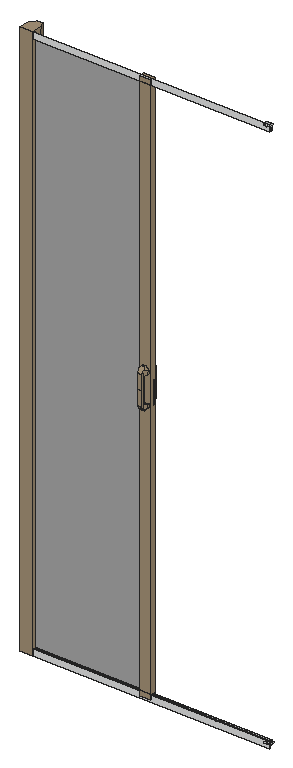
Revit family "Screen_Door_LegacySeries_PhantomScreen", category Doors, host Wall, Revit 2026
Family settings
  Host = Wall
  Classification Number = 23.30.60.21
  Always vertical = Yes
  Cut with Voids When Loaded = No
  Shared = No
  Room Calculation Point = No
Parameters (values of type "Type as Specified")
  URL = "http://www.phantomscreens.com/"
  Track Height = 0' - 0.931"
  Track Depth = 0' - 0.511"
  Specification = "http://www.phantomscreens.com/architects-designers/specifications-binder/"
  Slide Bar Width = 0' - 1.732"
  Slide Bar Depth = 0' - 0.866"
  Slide Bar = Dark Knotty Pine
  Sill Height = 0' - 1"
  Sill Depth = 0' - 1.54384"
  Sill [instance] = no
  Screen Thickness = 0' - 0 1/32"
  Screen = Phifer 20/20 Insect Mesh – Gray
  Sales Information = "http://www.phantomscreens.com/support/"
  Revision = "R1_08-2016"
  Product Properties = "http://www.phantomscreens.com/drive/uploads/2015/03/Legacy-Door-Design-Spec-Assembled-View.pdf"
  Product Data = "http://www.arcat.com/arcatcos/cos9540/arc40535.html"
  Percent Open [instance] = 50
  Model = "Legacy Series"
  Manufacturer Website = "http://www.phantomscreens.com/"
  Manufacturer Phone - Toll Free = ""
  Manufacturer Phone = "604-855-3654"
  Manufacturer Fax = "604-855-7834"
  Manufacturer Address = "30451 Simpson Rd.; Abbotsford; BC; Canada V2T 6C7"
  Manufacturer = "Phantom Screens"
  Keynote = "08 11 00"
  Installation-Fabrication = "http://www.phantomscreens.com/architects-designers/options/"
  Housing Width = 0' - 1 7/8"
  Housing Depth = 0' - 2 49/64"
  Handle Width = 0' - 1.266"
  Handle Height = 0' - 6.031"
  Handle Depth = 0' - 0 109/128"
  Function = Interior
  Height [instance] = 7' - 0"
  Wall Closure = By host
  Width [instance] = 3' - 0"
  Drawn By = "Sumex Design - Robert S Weygant"
  Door Opening [instance] = Width * (Percent Open / 100)  # 1' - 6"
  Description = "Phantom Screens Legacy Series Screen"
  Copyright = "� 2016 ARCAT Inc."
  Construction Details = "http://www.arcat.com/details/phantoms/95prod3445.html"
  Assembly Code = "B2020400"
  Aluminum Track = Aluminum - Flat
  Aluminum Housing = Dark Knotty Pine
Reference planes (in)
  plane 1 "Center (Front/Back)": y = 0
  plane 2 "Center (Left/Right)": x = -7.25
  plane 3 "Top": z = 84
  plane 4 "Exterior": y = 2.96884
  plane 5 "Interior": y = -3.03116
  plane 6: x = -27.125
  plane 7: z = 84.931
  plane 8: z = 0.931
  plane 9: y = 3.47984
  plane 10: y = 3.83484
  plane 11: y = 3.44859
  plane 12: x = -8.982
  plane 13 "Track Bar": x = -7.25
  plane 14: x = -25.25
  plane 15: y = 3.41734
  plane 16: y = 4.71756
  plane 17: x = 10.75
  plane 18: z = 1
  plane 19: y = 3.29405
  plane 20: y = 1.425
  plane 21: z = 42.5
  plane 22: z = 45.5155
  plane 23: z = 39.4845
  plane 24 "Handle Placement": x = -8.24596
  plane 25: x = 9.96875
  plane 26: y = 3.55502
  plane 27: y = 2.96884
  plane 28: y = 3.375
  plane 29: y = 5.48446
Forms (in)
  Extrusion 1, solid, material "Dark Knotty Pine" <- "Aluminum Housing"
    sketch origin (0, 0, 0) x (1, 0, 0) y (0, 1, 0)
      loop
        line (-27.125, 2.96884) -> (-25.25, 2.96884) -> (-25.25, 4.6231) -> (-25.74731, 5.48446) -> (-26.1875, 5.48446) -> (-26.66701, 5.48446) -> (-27.125, 4.6231) -> (-27.125, 2.96884)
    from 0 to 84.931
  Extrusion 2, solid, material "Dark Knotty Pine" <- "Slide Bar"
    sketch origin (0, 0, 0) x (1, 0, 0) y (0, 1, 0)
      loop
        line (-8.982, 3.83484) -> (-8.982, 2.96884) -> (-7.25, 2.96884) -> (-7.25, 3.64791) -> (-7.47277, 3.83484) -> (-8.982, 3.83484)
    from 1 to 84
  Extrusion 3, solid, material "Phifer 20/20 Insect Mesh – Gray" <- "Screen"
    sketch origin (0, 0, 0) x (1, 0, 0) y (0, 1, 0)
      loop
        line (-25.25, 3.44859) -> (-25.25, 3.41734) -> (-8.982, 3.41734) -> (-8.982, 3.44859) -> (-25.25, 3.44859)
    from 0.931 to 84
  Extrusion 4, solid, material "Aluminum - Flat" <- "Aluminum Track", visible <- "Sill"
    sketch origin (-7.25, 0, 0) x (0, 1, 0) y (0, 0, 1)
      loop
        line (1.44844, 1) -> (1.44844, 0.931) -> (2.91584, 0.86535) -> (2.91584, 0) -> (3.44078, 0) -> (3.44078, 0.08471) -> (2.99228, 0.08471) -> (2.99228, 0.931) -> (1.44844, 1)
    from -18 to 18
  Extrusion 5, solid, material "Aluminum - Flat"
    sketch origin (-7.25, 0, 0) x (0, 1, 0) y (0, 0, 1)
      loop
        line (3.47984, 84) -> (3.47984, 84.6095) -> (3.09384, 84.6095) -> (3.09384, 84.931) -> (2.96884, 84.931) -> (2.96884, 84) -> (3.09384, 84) -> (3.09384, 84.488) -> (3.35484, 84.488) -> (3.35484, 84) -> (3.47984, 84)
    from -18 to 18
  Extrusion 6, solid, material "Aluminum - Flat"
    sketch origin (-7.25, 0, 0) x (0, 1, 0) y (0, 0, 1)
      loop
        line (3.47984, 0.931) -> (3.35484, 0.931) -> (3.35484, 0.4365) -> (3.09384, 0.4365) -> (3.09384, 0.931) -> (2.96884, 0.931) -> (2.96884, 0) -> (3.09384, 0) -> (3.09384, 0.315) -> (3.47984, 0.315) -> (3.47984, 0.931)
    from -18 to 18
Text (in)
  text "Exterior" at (-62.02911, 27.31104, 0), in view "Ref. Level"
  text "Interior" at (-62.02911, -25.14366, 0), in view "Ref. Level"
  text "Exterior" at (0, 40.15149, 123.01588), in view "Right"
  text "Interior" at (0, -64.39139, 123.01588), in view "Right"
  text "Interior" at (0, -31.01599, 123.00693), in view "Left"
  text "Exterior" at (0, 54.57065, 123.00693), in view "Left"
Dimensions and locks (in)
  "Height": level to plane 3 "Top"
  "Track Height": plane 3 "Top" to plane 7
  "Track Height": level to plane 8
  "Track Depth": plane 9 to plane 4 "Exterior"
  "Slide Bar Depth": plane 10 to plane 4 "Exterior"
  "Screen Thickness": plane 9 to plane 11
  "Slide Bar Width": plane 12 to plane 13 "Track Bar"
  equal spacing: plane 14, plane 2 "Center (Left/Right)", plane 17
  "Screen Thickness": plane 15 to plane 11
  "Width": plane 14 to plane 17
  "Housing Width": plane 6 to plane 14
  "Door Opening": plane 13 "Track Bar" to plane 17
  "Sill Height": level to plane 18
  "Sill Depth": plane 4 "Exterior" to plane 20
  equal spacing: plane 22, plane 21, plane 23
  "Handle Height": plane 23 to plane 22
  locked: plane 13 "Track Bar" to plane 24 "Handle Placement" at 0.99596
  locked: plane 26 to plane 19 at 0.26097
  locked: plane 29 to host wall at 5.51563
  aligned and locked: plane 4 "Exterior" to host wall
  aligned and locked: plane 5 "Interior" to host wall
  aligned and locked: plane 6 to Extrusion 1 sketch curve
  aligned and locked: Extrusion 1 to level
  aligned and locked: Extrusion 1 to plane 7
  aligned and locked: plane 7 to Extrusion 1
  aligned and locked: plane 10 to Extrusion 2 sketch curve
  aligned and locked: plane 12 to Extrusion 2 sketch curve
  aligned and locked: Extrusion 2 sketch curve to plane 4 "Exterior"
  aligned and locked: Extrusion 2 sketch curve to plane 13 "Track Bar"
  aligned and locked: Extrusion 2 to plane 3 "Top"
  aligned and locked: plane 11 to Extrusion 3 sketch curve
  aligned and locked: Extrusion 3 sketch curve to plane 14
  aligned and locked: plane 15 to Extrusion 3 sketch curve
  aligned and locked: Extrusion 3 sketch curve to plane 12
  aligned and locked: Extrusion 3 to plane 3 "Top"
  aligned and locked: Extrusion 1 sketch curve to plane 4 "Exterior"
  aligned and locked: plane 18 to Extrusion 2
  aligned and locked: plane 24 "Handle Placement" to nested 1
  aligned and locked: Extrusion 2 to plane 10
  aligned and locked: nested 2 to plane 24 "Handle Placement"
  aligned and locked: nested 2 to Extrusion 2
  aligned and locked: nested 1 to plane 22
  aligned and locked: nested 2 to plane 23
  aligned and locked: plane 10 to nested 1
  aligned and locked: plane 3 "Top" to Extrusion 5 sketch curve
  aligned and locked: Extrusion 5 sketch curve to plane 7
  aligned and locked: plane 8 to Extrusion 6 sketch curve  (x2)
  aligned and locked: Extrusion 6 sketch curve to Extrusion 1
  aligned and locked: Extrusion 6 to plane 17
  aligned and locked: Extrusion 5 to plane 17
  aligned and locked: plane 14 to Extrusion 5
  aligned and locked: plane 14 to Extrusion 6
  aligned and locked: Extrusion 4 to plane 17
  aligned and locked: plane 14 to Extrusion 4
  aligned and locked: plane 27 to host wall
  aligned and locked: plane 4 "Exterior" to nested 4
  aligned and locked: nested 4 to Extrusion 6
  aligned and locked: nested 5 to plane 12
  aligned and locked: nested 5 to plane 13 "Track Bar"
  aligned and locked: plane 3 "Top" to nested 5
  aligned and locked: Extrusion 2 to plane 12
  aligned and locked: plane 13 "Track Bar" to Extrusion 2
  aligned and locked: nested 6 to Extrusion 2
  aligned and locked: nested 6 to plane 12
  aligned and locked: nested 6 to plane 10
  aligned and locked: plane 4 "Exterior" to nested 6
  aligned and locked: nested 5 to plane 10
  aligned and locked: plane 4 "Exterior" to nested 5
  aligned and locked: plane 4 "Exterior" to nested 3
  aligned and locked: plane 29 to Extrusion 1  (x2)
Automatic sketch dimensions
  Extrusion 2 sketch curve to plane 9 = 0' - 0.16807"
  Extrusion 2 sketch curve to Extrusion 2 sketch curve = 0' - 0.22277"
  plane 8 to Extrusion 4 sketch curve = 0' - 0"  (x2)
  plane 18 to Extrusion 4 sketch curve = 0' - 0"
  Extrusion 4 sketch curve to level = 0' - 0"
  plane 20 to Extrusion 4 sketch curve = 0' - 0 3/128"
  Extrusion 4 sketch curve to host wall = 0' - 0.053"
  host wall to Extrusion 4 sketch curve = 0' - 0 3/128"
  plane 11 to Extrusion 4 sketch curve = 0' - 0 1/128"
  level to Extrusion 4 sketch curve = 0' - 0.08471"
  plane 8 to Extrusion 4 sketch curve = 0' - 0.06565"
  Extrusion 5 sketch curve to Extrusion 5 sketch curve = 0' - 0 1/8"
  Extrusion 5 sketch curve to Extrusion 5 sketch curve = 0' - 0.1215"
  Extrusion 5 sketch curve to Extrusion 5 sketch curve = 0' - 0.3215"
  Extrusion 5 sketch curve to plane 9 = 0' - 0"
  Extrusion 5 sketch curve to plane 15 = 0' - 0 1/16"
  Extrusion 5 sketch curve to host wall = 0' - 0"
  Extrusion 5 sketch curve to Extrusion 5 sketch curve = 0' - 0"
  Extrusion 6 sketch curve to host wall = 0' - 0"
  Extrusion 6 sketch curve to plane 9 = 0' - 0"
  host wall to Extrusion 6 sketch curve = 0' - 0 1/8"
  Extrusion 6 sketch curve to Extrusion 6 sketch curve = 0' - 0"
  Extrusion 6 sketch curve to plane 15 = 0' - 0 1/16"
  level to Extrusion 6 sketch curve = 0' - 0.315"
  Extrusion 6 sketch curve to Extrusion 6 sketch curve = 0' - 0.1215"
  plane 3 "Top" to Extrusion 5 sketch curve = 0' - 0"
  Extrusion 1 sketch curve to plane 14 = 0' - 0"
  plane 6 to Extrusion 1 sketch curve = 0' - 0 15/16"
  plane 16 to Extrusion 1 sketch curve = 0' - 0.09446"  (x2)
  plane 6 to Extrusion 1 sketch curve = 0' - 0.45799"
  Extrusion 1 sketch curve to Extrusion 1 sketch curve = 0' - 0.44019"
  Extrusion 1 sketch curve to plane 29 = 0' - 0"
Nested families (in)
  nested 1: "Family4" at (-8.24596, 4.26062, 42.5) x (-1, 0, 0) z (0, 0, 1), type "Family4"
    with Width 0' - 1.266", Height 0' - 6.031", Depth 0' - 0 109/128"
  nested 2: "Family4" at (-8.24596, 2.54306, 42.5), type "Family4"
    with Width 0' - 1.266", Height 0' - 6.031", Depth 0' - 0 109/128"
  nested 3: "Track Latch Family" at (10.35937, 3.34384, 84.55481) x (-1, 0, 0) z (0, 0, 1), type "Track Latch Family"
  nested 4: "Lower Track Latch" at (10.35937, 3.33538, 0.4365) x (-1, 0, 0) z (0, 0, 1), type "Lower Track Latch"
  nested 5: "End Caps" at (-8.21484, 3.14023, 84), type "End Caps"
  nested 6: "End Caps" at (-8.21484, 3.14023, 0.25), type "End Caps"
Definition of nested family "Family4"
  Parameters
    Width = 0' - 1 1/2"
    Height = 0' - 6 1/32"
    Handle = none
    Depth = 0' - 1"
    Default Elevation = 0' - 0"
  Reference planes (in)
    plane 1 "Center (Front/Back)": y = 0
    plane 2: z = 0
    plane 3 "Center (Left/Right)": x = 0
    plane 4: y = 0.5
    plane 5: x = 0.75
    plane 6: y = -0.5
    plane 7: x = -0.75
    plane 8: z = 3.01562
    plane 9: z = -3.01563
  Forms (in)
    Extrusion 1, solid, material <- "Handle"
      sketch origin (0, 0, 0) x (0, 1, 0) y (0, 0, 1)
        loop
          line (0.5, 3.01562) -> (0.25, 3.01562) -> (-0.5, 2.26562) -> (-0.5, 0) -> (-0.5, -2.26563) -> (0.25, -3.01563) -> (0.5, -3.01563) -> (0.5, -2.01563) -> (0, -2.01563) -> (-0.17678, -1.83885) -> (-0.17678, 0) -> (-0.17678, 1.83885) -> (0, 2.01562) -> (0.5, 2.01562) -> (0.5, 3.01562)
      from -0.75 to 0.75
    Extrusion 2, void
      sketch origin (0, 0, 0) x (1, 0, 0) y (0, 1, 0)
        loop
          line (-0.75, 0.25) -> (-0.75, -0.5) -> (-0.32322, -0.5) -> (-0.32322, -0.25861) -> (-0.75, 0.25)
        loop
          line (0.32322, -0.25861) -> (0.32322, -0.5) -> (0.75, -0.5) -> (0.75, 0.25) -> (0.32322, -0.25861)
      from -3.01562 to 3.01562
    Extrusion 3, void
      sketch origin (0, 0, 0) x (1, 0, 0) y (0, 0, 1)
        loop
          line (-0.75, 2.51562) -> (-0.25, 3.01562) -> (-0.75, 3.01562) -> (-0.75, 2.51562)
        loop
          line (0.75, 2.51563) -> (0.75, 3.01563) -> (0.25, 3.01563) -> (0.75, 2.51563)
        loop
          line (-0.75, -2.51563) -> (-0.75, -3.01563) -> (-0.25, -3.01563) -> (-0.75, -2.51563)
        loop
          line (0.75, -2.51563) -> (0.25, -3.01563) -> (0.75, -3.01563) -> (0.75, -2.51563)
      from -0.5 to 0.5
  Cuts and joins
    Extrusion 2, Extrusion 3 cuts Extrusion 1
  Dimensions and locks (in)
    equal spacing: plane 7, plane 3 "Center (Left/Right)", plane 5
    equal spacing: plane 6, plane 1 "Center (Front/Back)", plane 4
    "Depth": plane 6 to plane 4
    "Width": plane 7 to plane 5
    equal spacing: plane 8, level, plane 9
    "Height": plane 8 to plane 9
    plane 1 "Center (Front/Back)" to Extrusion 1 = 0' - 0 1/2"
    aligned and locked: plane 2 to level
    aligned and locked: plane 7 to Extrusion 1
    aligned and locked: plane 5 to Extrusion 1
    aligned and locked: Extrusion 2 sketch curve to plane 6
    aligned and locked: plane 6 to Extrusion 2 sketch curve
    aligned and locked: plane 5 to Extrusion 2 sketch curve
    aligned and locked: Extrusion 2 sketch curve to plane 7
    aligned and locked: Extrusion 2 to plane 9
    aligned and locked: plane 8 to Extrusion 2
    aligned and locked: plane 4 to Extrusion 3
    aligned and locked: plane 6 to Extrusion 3
  Automatic sketch dimensions
    Extrusion 1 sketch curve to level = 0' - 0"  (x2)
    Extrusion 1 sketch curve to plane 1 "Center (Front/Back)" = 0' - 0"  (x2)
    Extrusion 1 sketch curve to plane 8 = 0' - 0"
    Extrusion 1 sketch curve to plane 4 = 0' - 0"  (x2)
    plane 1 "Center (Front/Back)" to Extrusion 1 sketch curve = 0' - 0.17678"
    Extrusion 1 sketch curve to Extrusion 1 sketch curve = 0' - 0 1/4"
    Extrusion 1 sketch curve to Extrusion 1 sketch curve = 0' - 1"
    Extrusion 1 sketch curve to Extrusion 1 sketch curve = 0' - 0.17678"  (x2)
    Extrusion 1 sketch curve to plane 8 = 0' - 1.17678"
    Extrusion 1 sketch curve to Extrusion 1 sketch curve = 0' - 0.42678"
    Extrusion 1 sketch curve to plane 9 = 0' - 0"
    Extrusion 1 sketch curve to plane 1 "Center (Front/Back)" = 0' - 0 1/4"
    plane 9 to Extrusion 1 sketch curve = 0' - 0 3/4"
    Extrusion 1 sketch curve to plane 6 = 0' - 0"
    Extrusion 2 sketch curve to plane 3 "Center (Left/Right)" = 0' - 0.32322"
    plane 3 "Center (Left/Right)" to Extrusion 2 sketch curve = 0' - 0.32322"
    plane 1 "Center (Front/Back)" to Extrusion 2 sketch curve = 0' - 0.25861"
    Extrusion 2 sketch curve to plane 1 "Center (Front/Back)" = 0' - 0 1/4"  (x2)
    Extrusion 2 sketch curve to Extrusion 2 sketch curve = 0' - 0.24139"
    plane 7 to Extrusion 3 sketch curve = 0' - 0"  (x2)
    Extrusion 3 sketch curve to plane 8 = 0' - 0"  (x2)
    Extrusion 3 sketch curve to plane 9 = 0' - 0"  (x2)
    Extrusion 3 sketch curve to plane 5 = 0' - 0"  (x2)
    Extrusion 3 sketch curve to plane 3 "Center (Left/Right)" = 0' - 0 1/4"  (x2)
    plane 3 "Center (Left/Right)" to Extrusion 3 sketch curve = 0' - 0 1/4"  (x2)
    plane 9 to Extrusion 3 sketch curve = 0' - 0 1/2"
    Extrusion 3 sketch curve to Extrusion 3 sketch curve = 0' - 0 1/2"
    Extrusion 3 sketch curve to plane 8 = 0' - 0 1/2"  (x2)
Definition of nested family "Track Latch Family"
  Parameters
    Width = 0' - 0 25/32"
    Upper Latch = none
    Default Elevation = 0' - 0"
  Reference planes (in)
    plane 1 "Center (Front/Back)": y = 0
    plane 2: z = 0
    plane 3 "Center (Left/Right)": x = 0
    plane 4: z = 0.34375
    plane 5: x = 0.39063
    plane 6: x = -0.39062
    plane 7: y = 0.375
    plane 8: y = -0.375
  Forms (in)
    Extrusion 1, solid, material <- "Upper Latch"
      sketch origin (0, 0, 0.05469) x (1, 0, 0) y (0, 0, 1)
        loop
          line (-0.39062, 0.28906) -> (-0.39062, 0) -> (0.01899, 0) -> (0.01899, -0.0619) -> (0.39063, 0) -> (0.39063, 0.28906) -> (-0.39062, 0.28906)
      from -0.375 to 0.375
    Extrusion 2, void
      sketch origin (0, 0, 0) x (0, 1, 0) y (0, 0, 1)
        loop
          arc (-0.375, 0.09707) -> (-0.2114, 0.25673) -> (0, 0.34375) r 0.60095
          line (0, 0.34375) -> (-0.375, 0.34375) -> (-0.375, 0.09707)
      from -0.39062 to 0.39062
    Extrusion 3, void
      sketch origin (0, 0, 0) x (1, 0, 0) y (0, 0, 1)
        loop
          line (-0.32812, 0.34375) -> (-0.32812, 0.13527) -> (-0.07812, 0.13527) -> (-0.07812, 0.34375) -> (-0.32812, 0.34375)
        loop
          line (0.0373, 0.34375) -> (0.0373, 0.13527) -> (0.28915, 0.13527) -> (0.28915, 0.34375) -> (0.0373, 0.34375)
      from -0.28879 to 0.375
  Cuts and joins
    Extrusion 2, Extrusion 3 cuts Extrusion 1
  Dimensions and locks (in)
    equal spacing: plane 5, plane 3 "Center (Left/Right)", plane 6
    "Width": plane 5 to plane 6
    equal spacing: plane 7, plane 1 "Center (Front/Back)", plane 8
    plane 7 to plane 8 = 0' - 0 3/4"
    aligned and locked: plane 2 to level
    aligned and locked: plane 7 to Extrusion 1
    aligned and locked: Extrusion 1 to plane 8
    aligned and locked: Extrusion 2 to plane 6
    aligned and locked: plane 5 to Extrusion 2
    aligned and locked: Extrusion 1 to Extrusion 3
  Automatic sketch dimensions
    Extrusion 1 sketch curve to plane 6 = 0' - 0"
    level to Extrusion 1 sketch curve = 0' - 0 7/128"  (x2)
    Extrusion 1 sketch curve to plane 5 = 0' - 0"
    plane 3 "Center (Left/Right)" to Extrusion 1 sketch curve = 0' - 0.01899"
    plane 4 to Extrusion 1 sketch curve = 0' - 0"
    Extrusion 1 sketch curve to level = 0' - 0.00721"
    Extrusion 2 sketch curve to plane 8 = 0' - 0"
    Extrusion 2 sketch curve to plane 1 "Center (Front/Back)" = 0' - 0"
    Extrusion 2 sketch curve to plane 4 = 0' - 0"
    Extrusion 2 sketch curve to plane 1 "Center (Front/Back)" = 0' - 0.11887"
    level to Extrusion 2 sketch curve = 0' - 0.09707"
    Extrusion 3 sketch curve to plane 4 = 0' - 0"  (x2)
    plane 6 to Extrusion 3 sketch curve = 0' - 0 1/16"
    Extrusion 3 sketch curve to plane 3 "Center (Left/Right)" = 0' - 0 5/64"
    plane 3 "Center (Left/Right)" to Extrusion 3 sketch curve = 0' - 0.0373"
    Extrusion 3 sketch curve to plane 5 = 0' - 0.10148"
    level to Extrusion 3 sketch curve = 0' - 0.13527"
    Extrusion 3 sketch curve to Extrusion 3 sketch curve = 0' - 0"
Definition of nested family "Lower Track Latch"
  Parameters
    Lower Latch = none
    Default Elevation = 0' - 0"
  Reference planes (in)
    plane 1 "Center (Front/Back)": y = 0
    plane 2: z = 0
    plane 3 "Center (Left/Right)": x = 0
    plane 4: z = 0.31094
    plane 5: x = -0.42075
    plane 6: x = 0.43863
    plane 7: y = -0.36654
    plane 8: y = 0.36654
  Forms (in)
    Extrusion 1, solid, material <- "Lower Latch"
      sketch origin (0, 0, 0) x (1, 0, 0) y (0, 0, 1)
        loop
          line (-0.42075, 0) -> (0.43863, 0) -> (0.43863, 0.12882) -> (0, 0.31094) -> (0, 0.12882) -> (-0.42075, 0.12882) -> (-0.42075, 0)
      from -0.36654 to 0.36654
  Dimensions and locks (in)
    plane 6 to plane 5 = 0' - 0 55/64"
    plane 6 to plane 3 "Center (Left/Right)" to plane 5 = 0' - 0.43863", 0' - 0.42075"
    plane 8 to plane 7 = 0' - 0.73308"
    equal spacing: plane 8, plane 1 "Center (Front/Back)", plane 7
    aligned and locked: plane 2 to level
    aligned and locked: Extrusion 1 to plane 3 "Center (Left/Right)"
    aligned and locked: Extrusion 1 to plane 5
    aligned and locked: plane 6 to Extrusion 1
    aligned and locked: Extrusion 1 to level
    aligned and locked: Extrusion 1 to plane 8
    aligned and locked: plane 7 to Extrusion 1
  Automatic sketch dimensions
    Extrusion 1 sketch curve to plane 5 = 0' - 0"
    Extrusion 1 sketch curve to plane 3 "Center (Left/Right)" = 0' - 0"
    Extrusion 1 sketch curve to plane 6 = 0' - 0"
    Extrusion 1 sketch curve to level = 0' - 0"
    Extrusion 1 sketch curve to plane 4 = 0' - 0"
    level to Extrusion 1 sketch curve = 0' - 0.12882"  (x2)
Definition of nested family "End Caps"
  Parameters
    End Caps = none
    Default Elevation = 0' - 0"
  Reference planes (in)
    plane 1 "Center (Front/Back)": y = 0
    plane 2: z = 0
    plane 3 "Center (Left/Right)": x = 0
    plane 4: y = 0.6946
    plane 5: x = 0.96484
    plane 6: y = -0.1714
    plane 7: x = -0.76716
    plane 8: z = 0.75
  Forms (in)
    Extrusion 1, solid, material <- "End Caps"
      sketch origin (0, 0, 0) x (1, 0, 0) y (0, 1, 0)
        loop
          line (-0.76716, 0.6946) -> (-0.76716, -0.1714) -> (0.96484, -0.1714) -> (0.96484, 0.47651) -> (0.70493, 0.6946) -> (-0.76716, 0.6946)
      from 0 to 0.75
  Lines and regions (in)
    model lines
      curve 1: line (-0.76716, 0.6946, 0) -> (0.70493, 0.6946, 0)
      curve 2: line (-0.76716, -0.1714, 0) -> (-0.76716, 0.6946, 0)
      curve 3: line (0.96484, -0.1714, 0) -> (-0.76716, -0.1714, 0)
      curve 4: line (0.96484, 0.47651, 0) -> (0.96484, -0.1714, 0)
      curve 5: line (0.96484, 0.47651, 0) -> (0.70493, 0.6946, 0)
  Dimensions and locks (in)
    aligned and locked: plane 2 to level
    aligned and locked: plane 8 to Extrusion 1
